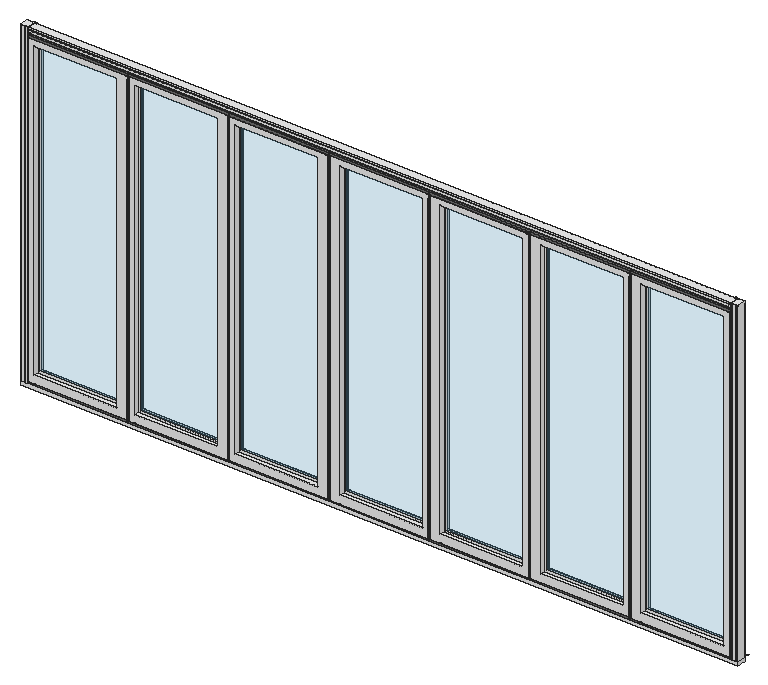
Revit family "Door-NanaWall-Reinforced-647_V1", category Doors, host Wall, Revit 2019 (continued)
Definition of nested family "Header"
  Automatic sketch dimensions
    Extrusion 3 sketch curve to Extrusion 3 sketch curve = 0.50 mm
    Extrusion 3 sketch curve to Extrusion 3 sketch curve = 84.634 mm
    Extrusion 1 sketch curve to level = 0.00 mm
    Extrusion 1 sketch curve to level = 0.50 mm  (x2)
    Extrusion 1 sketch curve to Extrusion 1 sketch curve = 13.50 mm
    Extrusion 1 sketch curve to Extrusion 1 sketch curve = 0.50 mm  (x4)
    Extrusion 1 sketch curve to Extrusion 1 sketch curve = 0.90 mm
    Extrusion 1 sketch curve to Extrusion 1 sketch curve = 14.00 mm
    Extrusion 1 sketch curve to Extrusion 1 sketch curve = 20.00 mm
    Extrusion 1 sketch curve to plane 1 "Center (Front/Back)" = 14.50 mm
    plane 1 "Center (Front/Back)" to Extrusion 1 sketch curve = 33.60 mm
    Extrusion 1 sketch curve to Extrusion 1 sketch curve = 21.00 mm
    Extrusion 1 sketch curve to Extrusion 1 sketch curve = 5.00 mm
    Extrusion 1 sketch curve to Extrusion 1 sketch curve = 1.50 mm
    Extrusion 1 sketch curve to Extrusion 1 sketch curve = 0.00 mm
Definition of nested family "Sill"
  Parameters (values of type "Sill")
    Width = 5486.40 mm
    Thickness = 67.20 mm
    Sill = none
    Rough Width = 5375.40 mm
    Rough Height = 2387.402 mm
    Right Jamb = none
    Low Profile Sill With Universill = Constraint = 4  # no
    Low Profile Sill = or(Constraint = 2, Constraint = 4)  # no
    Intermediate sill = Constraint = 1  # yes
    Height = 2438.40 mm
    Flush Sill = Constraint = 3  # no
    Constraint = 1
    Assembly Code = ""
    Analytic Construction = "<None>"
  Reference planes
    plane 1 "Center (Front/Back)": y = 0
    plane 2: z = 0
    plane 3 "Center (Left/Right)": x = -185.473
    plane 4 "Left": x = -2928.673
    plane 5 "Right": x = 2557.727
    plane 6: x = -2928.673
    plane 7: x = 2557.727
  Forms (mm)
    Sweep 1, solid, material <- "Right Jamb", visible <- "Low Profile Sill With Universill"
      path origin (0, -8.501, 0) x (1, 0, 0) y (0, 1, 0)
        loop
          line (-2928.673, 5.731) -> (2557.727, 5.731)
      profile origin (-185.473, -2.769, 0) x (0, 1, 0) y (0, 0, 1)
        loop
          arc (59.681, 12.5) -> (60.147, 12.818) -> (60.019, 13.368) r 0.5
          line (60.019, 13.368) -> (44.383, 27.738) -> (36.369, 27.738) -> (36.369, 15) -> (32.683, 15) -> (32.683, 12.5) -> (59.681, 12.5)
    Sweep 2, solid, material <- "Sill", visible <- "Intermediate sill", detail levels medium+fine
      path origin (1592.527, -1.282, 0) x (1, 0, 0) y (0, 1, 0)
        loop
          line (-4521.2, 0) -> (965.2, 0)
      profile origin (-185.473, -1.282, 0) x (0, 1, 0) y (0, 0, 1)
        loop
          line (-33.951, -28) -> (-30.053, -28) -> (-29.651, -26.5) -> (-31.951, -26.5) -> (-31.951, -23) -> (-17.451, -23) -> (-17.451, -26.5) -> (-19.651, -26.5) -> (-19.249, -28) -> (7.149, -28) -> (7.149, -23) -> (12.649, -23) -> (12.649, -28) -> (18.547, -28) -> (18.949, -26.5) -> (16.749, -26.5) -> (16.749, -23) -> (31.249, -23) -> (31.249, -26.5) -> (28.949, -26.5) -> (29.351, -28) -> (34.649, -28) -> (34.649, 0) -> (11.649, 0) -> (11.649, 14) -> (-39.675, 14) -> (-65.164, 1.952)
          arc (-65.164, 1.952) -> (-65.433, 1.368) -> (-64.905, 1.002) r 0.5
          line (-64.905, 1.002) -> (-61.324, 1.002) -> (-38.056, 12) -> (-33.951, 12) -> (-33.951, -28)
    Sweep 3, solid, material <- "Sill", visible <- "Low Profile Sill", detail levels medium+fine
      path origin (1592.527, -1.282, 0) x (1, 0, 0) y (0, 1, 0)
        loop
          line (-4521.2, 0) -> (965.2, 0)
      profile origin (-185.473, -1.282, 0) x (0, 1, 0) y (0, 0, 1)
        loop
          line (16.481, -27.018) -> (31.081, -26.253) -> (31.081, -33) -> (28.781, -33) -> (29.183, -34.5) -> (34.979, -34.5) -> (35.381, -33) -> (33.081, -33) -> (33.081, -26.148) -> (47.681, -25.383) -> (47.681, -33) -> (45.381, -33) -> (45.783, -34.5) -> (57.681, -34.5) -> (57.681, -31.231) -> (56.181, -31.1) -> (56.181, -32.5) -> (49.681, -32.5) -> (49.681, -22.2) -> (56.181, -22.2) -> (56.181, -23.6) -> (57.681, -23.459) -> (57.681, -19.131) -> (56.181, -19) -> (56.181, -20.4) -> (49.681, -20.4) -> (49.681, -10.1) -> (56.181, -10.1) -> (56.181, -11.5) -> (57.681, -11.359) -> (57.681, -8.1) -> (50.681, -8.1) -> (50.681, 6) -> (56.628, 6) -> (56.628, 11.117) -> (80.963, 0) -> (84.681, 0)
          arc (84.681, 0) -> (85.17, 0.394) -> (84.889, 0.955) r 0.5
          line (84.889, 0.955) -> (59.616, 12.5) -> (24.281, 12.5) -> (-36.154, 12.5) -> (-61.427, 0.955)
          arc (-61.427, 0.955) -> (-61.707, 0.394) -> (-61.219, 0) r 0.5
          line (-61.219, 0) -> (-57.5, 0) -> (-34.719, 10.407) -> (-34.719, -3.1) -> (-41.719, -3.1) -> (-41.719, -6.369) -> (-40.219, -6.5) -> (-40.219, -5.1) -> (-33.719, -5.1) -> (-33.719, -15.4) -> (-40.219, -15.4) -> (-40.219, -14) -> (-41.719, -14.131) -> (-41.719, -18.459) -> (-40.219, -18.6) -> (-40.219, -17.2) -> (-33.719, -17.2) -> (-33.719, -27.5) -> (-40.219, -27.5) -> (-40.219, -26.1) -> (-41.719, -26.231) -> (-41.719, -29.5) -> (-33.719, -29.5) -> (-33.719, -34.5) -> (-29.821, -34.5) -> (-29.419, -33) -> (-31.719, -33) -> (-31.719, -29.544) -> (-16.819, -28.764) -> (-16.819, -33) -> (-19.088, -33) -> (-18.686, -34.5) -> (11.181, -34.5) -> (11.181, -27.296) -> (14.481, -27.123) -> (14.481, -34.5) -> (18.379, -34.5) -> (18.781, -33) -> (16.481, -33) -> (16.481, -27.018)
    Sweep 4, solid, material <- "Sill", visible <- "Flush Sill", detail levels medium+fine
      path origin (1592.527, -1.282, -10.5) x (1, 0, 0) y (0, 1, 0)
        loop
          line (-4521.2, 0) -> (965.2, 0)
      profile origin (-185.473, -1.282, -10.5) x (0, 1, 0) y (0, 0, 1)
        loop
          line (-17.419, -17.5) -> (-17.419, -21) -> (-19.619, -21) -> (-19.217, -22.5) -> (-15.761, -22.5) -> (-12.644, -20.7) -> (3.006, -20.7) -> (6.124, -22.5) -> (7.181, -22.5) -> (7.181, -17.5) -> (12.681, -17.5) -> (12.681, -22.5) -> (18.579, -22.5) -> (18.981, -21) -> (16.781, -21) -> (16.781, -17.5) -> (31.281, -17.5) -> (31.281, -21) -> (28.981, -21) -> (29.383, -22.5) -> (33.281, -22.5) -> (33.281, -10.5) -> (34.681, -10.5) -> (34.681, 10.5) -> (49.181, 10.5)
          arc (49.181, 10.5) -> (49.666, 10.985) -> (49.488, 11.646) r 0.685
          line (49.488, 11.646) -> (48.635, 12.5) -> (-52.919, 12.5) -> (-53.772, 11.646)
          arc (-53.772, 11.646) -> (-53.95, 10.985) -> (-53.465, 10.5) r 0.685
          line (-53.465, 10.5) -> (-33.919, 10.5) -> (-33.919, -22.5) -> (-30.021, -22.5) -> (-29.619, -21) -> (-31.919, -21) -> (-31.919, -17.5) -> (-17.419, -17.5)
  Lines and regions (mm)
    Masking region 1
      outline origin (0, 0, 0) x (1, 0, 0) y (0, 1, 0)
        loop
          line (-2928.673, -50.877) -> (2557.727, -50.877) -> (2557.727, 62.339) -> (-2928.673, 62.339) -> (-2928.673, -50.877)
    Masking region 2, visible <- "Low Profile Sill With Universill"
      outline origin (-185.473, -8.501, 0) x (0, 1, 0) y (0, 0, 1)
        loop
          line (50.115, 27.738) -> (42.1, 27.738) -> (42.1, 15) -> (38.415, 15) -> (38.415, 12.5) -> (65.412, 12.5)
          arc (65.412, 12.5) -> (65.878, 12.818) -> (65.751, 13.368) r 0.5
          line (65.751, 13.368) -> (50.115, 27.738)
    Masking region 3, visible <- "Intermediate sill"
      outline origin (-185.473, -1.601, 0) x (0, -1, 0) y (0, 0, -1)
        loop
          line (37.738, -12) -> (33.632, -12) -> (33.632, 28) -> (29.734, 28) -> (29.332, 26.5) -> (31.632, 26.5) -> (31.632, 23) -> (17.132, 23) -> (17.132, 26.5) -> (19.332, 26.5) -> (18.93, 28) -> (-7.468, 28) -> (-7.468, 23) -> (-12.968, 23) -> (-12.968, 28) -> (-18.866, 28) -> (-19.268, 26.5) -> (-17.068, 26.5) -> (-17.068, 23) -> (-31.568, 23) -> (-31.568, 26.5) -> (-29.268, 26.5) -> (-29.67, 28) -> (-34.968, 28) -> (-34.968, 0) -> (-11.968, 0) -> (-11.968, -14) -> (39.356, -14) -> (64.846, -1.952)
          arc (64.846, -1.952) -> (65.114, -1.368) -> (64.586, -1.002) r 0.5
          line (64.586, -1.002) -> (61.005, -1.002) -> (37.738, -12)
    Masking region 4, visible <- "Low Profile Sill", detail levels coarse
      outline origin (-2928.673, 173.892, 177.429) x (0, -1, 0) y (0, 0, 1)
        loop
          line (150.892, -164.929) -> (115.557, -164.929) -> (90.284, -176.474)
          arc (90.284, -176.474) -> (90.004, -177.035) -> (90.492, -177.429) r 0.5
          line (90.492, -177.429) -> (94.211, -177.429) -> (118.545, -166.312) -> (118.545, -171.429) -> (124.492, -171.429) -> (124.492, -185.529) -> (117.492, -185.529) -> (117.492, -188.788) -> (118.992, -188.929) -> (118.992, -187.529) -> (125.492, -187.529) -> (125.492, -197.829) -> (118.992, -197.829) -> (118.992, -196.429) -> (117.492, -196.56) -> (117.492, -200.888) -> (118.992, -201.029) -> (118.992, -199.629) -> (125.492, -199.629) -> (125.492, -209.929) -> (118.992, -209.929) -> (118.992, -208.529) -> (117.492, -208.66) -> (117.492, -211.929) -> (129.39, -211.929) -> (129.792, -210.429) -> (127.492, -210.429) -> (127.492, -202.812) -> (142.092, -203.577) -> (142.092, -210.429) -> (139.792, -210.429) -> (140.194, -211.929) -> (145.99, -211.929) -> (146.392, -210.429) -> (144.092, -210.429) -> (144.092, -203.682) -> (158.692, -204.447) -> (158.692, -210.429) -> (156.392, -210.429) -> (156.794, -211.929) -> (160.692, -211.929) -> (160.692, -204.552) -> (163.992, -204.725) -> (163.992, -211.929) -> (193.86, -211.929) -> (194.261, -210.429) -> (191.992, -210.429) -> (191.992, -206.192) -> (206.892, -206.973) -> (206.892, -210.429) -> (204.592, -210.429) -> (204.994, -211.929) -> (208.892, -211.929) -> (208.892, -206.929) -> (216.892, -206.929) -> (216.892, -203.66) -> (215.392, -203.529) -> (215.392, -204.929) -> (208.892, -204.929) -> (208.892, -194.629) -> (215.392, -194.629) -> (215.392, -196.029) -> (216.892, -195.888) -> (216.892, -191.56) -> (215.392, -191.429) -> (215.392, -192.829) -> (208.892, -192.829) -> (208.892, -182.529) -> (215.392, -182.529) -> (215.392, -183.929) -> (216.892, -183.798) -> (216.892, -180.529) -> (209.892, -180.529) -> (209.892, -167.022) -> (232.673, -177.429) -> (236.392, -177.429)
          arc (236.392, -177.429) -> (236.881, -177.035) -> (236.6, -176.474) r 0.5
          line (236.6, -176.474) -> (211.327, -164.929) -> (150.892, -164.929)
    Masking region 5, visible <- "Flush Sill"
      outline origin (-185.473, -1.601, -10.5) x (0, -1, 0) y (0, 0, -1)
        loop
          arc (53.454, -11.646) -> (53.631, -10.985) -> (53.146, -10.5) r 0.685
          line (53.146, -10.5) -> (33.6, -10.5) -> (33.6, 22.5) -> (29.702, 22.5) -> (29.3, 21) -> (31.6, 21) -> (31.6, 17.5) -> (17.1, 17.5) -> (17.1, 21) -> (19.3, 21) -> (18.898, 22.5) -> (15.443, 22.5) -> (12.325, 20.7) -> (-3.325, 20.7) -> (-6.443, 22.5) -> (-7.5, 22.5) -> (-7.5, 17.5) -> (-13, 17.5) -> (-13, 22.5) -> (-18.898, 22.5) -> (-19.3, 21) -> (-17.1, 21) -> (-17.1, 17.5) -> (-31.6, 17.5) -> (-31.6, 21) -> (-29.3, 21) -> (-29.702, 22.5) -> (-33.6, 22.5) -> (-33.6, 10.5) -> (-35, 10.5) -> (-35, -10.5) -> (-49.5, -10.5)
          arc (-49.5, -10.5) -> (-49.985, -10.985) -> (-49.807, -11.646) r 0.685
          line (-49.807, -11.646) -> (-48.954, -12.5) -> (52.6, -12.5) -> (53.454, -11.646)
  Dimensions and locks
    equal spacing: plane 4 "Left", plane 3 "Center (Left/Right)", plane 5 "Right"
    "Width": plane 4 "Left" to plane 5 "Right"
    aligned and locked: plane 5 "Right" to plane 7
    aligned and locked: plane 6 to plane 4 "Left"
    aligned and locked: Masking region 1 sketch curve to plane 6
    aligned and locked: plane 7 to Masking region 1 sketch curve
  Automatic sketch dimensions
    plane 1 "Center (Front/Back)" to Masking region 1 sketch curve = 50.877 mm
    Masking region 1 sketch curve to plane 1 "Center (Front/Back)" = 62.339 mm
    Sweep 1 sketch curve to plane 4 "Left" = 0.00 mm
    Sweep 1 sketch curve to plane 5 "Right" = 0.00 mm
    plane 1 "Center (Front/Back)" to Sweep 1 sketch curve = 2.769 mm
    profile plane to Sweep 1 sketch curve = 15.00 mm
    Sweep 1 sketch curve to profile plane = 32.683 mm
    Sweep 1 sketch curve to Sweep 1 sketch curve = 3.686 mm
    Sweep 1 sketch curve to Sweep 1 sketch curve = 8.014 mm
    Sweep 1 sketch curve to Sweep 1 sketch curve = 15.298 mm
    profile plane to Sweep 1 sketch curve = 13.368 mm
    Sweep 1 sketch curve to Sweep 1 sketch curve = 0.338 mm
    Sweep 1 sketch curve to Sweep 1 sketch curve = 0.368 mm
    Sweep 1 sketch curve to Sweep 1 sketch curve = 12.738 mm
    Masking region 2 sketch curve to plane 1 "Center (Front/Back)" = 29.914 mm
    Masking region 2 sketch curve to Masking region 2 sketch curve = 3.686 mm
    Masking region 2 sketch curve to Masking region 2 sketch curve = 8.014 mm
    level to Masking region 2 sketch curve = 13.00 mm
    Masking region 2 sketch curve to Masking region 2 sketch curve = 15.298 mm
    level to Masking region 2 sketch curve = 13.368 mm
    Masking region 2 sketch curve to Masking region 2 sketch curve = 0.338 mm
    Masking region 2 sketch curve to Masking region 2 sketch curve = 2.50 mm
    Masking region 2 sketch curve to Masking region 2 sketch curve = 12.738 mm
    Sweep 2 sketch curve to plane 4 "Left" = 0.00 mm
    Sweep 2 sketch curve to plane 5 "Right" = 0.00 mm
    plane 1 "Center (Front/Back)" to Sweep 2 sketch curve = 1.282 mm
    Sweep 2 sketch curve to profile plane = 0.00 mm
    profile plane to Sweep 2 sketch curve = 1.952 mm
    profile plane to Sweep 2 sketch curve = 65.164 mm
    Sweep 2 sketch curve to Sweep 2 sketch curve = 0.214 mm
    Sweep 2 sketch curve to Sweep 2 sketch curve = 0.046 mm
    profile plane to Sweep 2 sketch curve = 1.002 mm
    Sweep 2 sketch curve to Sweep 2 sketch curve = 3.581 mm
    Sweep 2 sketch curve to Sweep 2 sketch curve = 21.649 mm
    Sweep 2 sketch curve to Sweep 2 sketch curve = 1.619 mm
    Sweep 2 sketch curve to Sweep 2 sketch curve = 4.106 mm
    Sweep 2 sketch curve to Sweep 2 sketch curve = 2.00 mm
    Sweep 2 sketch curve to Sweep 2 sketch curve = 1.898 mm
    Sweep 2 sketch curve to Sweep 2 sketch curve = 0.402 mm  (x4)
    Sweep 2 sketch curve to Sweep 2 sketch curve = 10.00 mm  (x2)
    Sweep 2 sketch curve to Sweep 2 sketch curve = 2.20 mm
    Sweep 2 sketch curve to profile plane = 7.149 mm
    Sweep 2 sketch curve to profile plane = 11.649 mm
    Sweep 2 sketch curve to Sweep 2 sketch curve = 5.50 mm
    Sweep 2 sketch curve to Sweep 2 sketch curve = 4.10 mm
    Sweep 2 sketch curve to Sweep 2 sketch curve = 1.798 mm
    Sweep 2 sketch curve to Sweep 2 sketch curve = 2.30 mm
    Sweep 2 sketch curve to Sweep 2 sketch curve = 23.00 mm
    Sweep 2 sketch curve to profile plane = 23.00 mm  (x2)
    Sweep 2 sketch curve to Sweep 2 sketch curve = 0.00 mm
    Sweep 2 sketch curve to Sweep 2 sketch curve = 3.50 mm  (x4)
    Sweep 2 sketch curve to Sweep 2 sketch curve = 1.50 mm  (x3)
    Sweep 2 sketch curve to Sweep 2 sketch curve = 5.00 mm
    profile plane to Sweep 2 sketch curve = 12.00 mm
    Sweep 2 sketch curve to Sweep 2 sketch curve = 14.00 mm
    Masking region 3 sketch curve to level = 0.00 mm
    Masking region 3 sketch curve to plane 1 "Center (Front/Back)" = 33.367 mm
    Masking region 3 sketch curve to Masking region 3 sketch curve = 3.40 mm
    Masking region 3 sketch curve to Masking region 3 sketch curve = 1.898 mm
    Masking region 3 sketch curve to Masking region 3 sketch curve = 0.402 mm  (x4)
    Masking region 3 sketch curve to plane 1 "Center (Front/Back)" = 17.667 mm
    Masking region 3 sketch curve to Masking region 3 sketch curve = 2.20 mm
    Masking region 3 sketch curve to Masking region 3 sketch curve = 4.10 mm
    Masking region 3 sketch curve to plane 1 "Center (Front/Back)" = 10.367 mm
    Masking region 3 sketch curve to Masking region 3 sketch curve = 5.50 mm
    Masking region 3 sketch curve to Masking region 3 sketch curve = 24.60 mm
    Masking region 3 sketch curve to Masking region 3 sketch curve = 1.798 mm
    Masking region 3 sketch curve to Masking region 3 sketch curve = 10.00 mm
    Masking region 3 sketch curve to Masking region 3 sketch curve = 2.30 mm
    Masking region 3 sketch curve to Masking region 3 sketch curve = 2.00 mm  (x2)
    Masking region 3 sketch curve to Masking region 3 sketch curve = 4.106 mm
    Masking region 3 sketch curve to Masking region 3 sketch curve = 1.619 mm
    level to Masking region 3 sketch curve = 1.002 mm
    Masking region 3 sketch curve to Masking region 3 sketch curve = 21.649 mm
    Masking region 3 sketch curve to Masking region 3 sketch curve = 3.581 mm
    Masking region 3 sketch curve to Masking region 3 sketch curve = 0.046 mm
    level to Masking region 3 sketch curve = 1.952 mm
    Masking region 3 sketch curve to Masking region 3 sketch curve = 0.214 mm
    level to Masking region 3 sketch curve = 12.00 mm
    Masking region 3 sketch curve to level = 23.00 mm  (x2)
    Masking region 3 sketch curve to Masking region 3 sketch curve = 0.00 mm
    Masking region 3 sketch curve to Masking region 3 sketch curve = 3.50 mm  (x4)
    Masking region 3 sketch curve to Masking region 3 sketch curve = 1.50 mm  (x3)
    Masking region 3 sketch curve to Masking region 3 sketch curve = 5.00 mm
    Sweep 3 sketch curve to plane 4 "Left" = 0.00 mm
    Sweep 3 sketch curve to plane 5 "Right" = 0.00 mm
    plane 1 "Center (Front/Back)" to Sweep 3 sketch curve = 1.282 mm
    Sweep 3 sketch curve to profile plane = 0.00 mm  (x2)
    profile plane to Sweep 3 sketch curve = 0.955 mm  (x2)
    profile plane to Sweep 3 sketch curve = 61.427 mm
    Sweep 3 sketch curve to Sweep 3 sketch curve = 0.208 mm  (x2)
    Sweep 3 sketch curve to Sweep 3 sketch curve = 3.719 mm  (x2)
    Sweep 3 sketch curve to Sweep 3 sketch curve = 15.781 mm  (x2)
    Sweep 3 sketch curve to profile plane = 3.10 mm
    Sweep 3 sketch curve to profile plane = 18.459 mm
    Sweep 3 sketch curve to Sweep 3 sketch curve = 0.00 mm  (x4)
    Sweep 3 sketch curve to profile plane = 14.00 mm
    Sweep 3 sketch curve to Sweep 3 sketch curve = 1.50 mm  (x12)
    Sweep 3 sketch curve to profile plane = 18.60 mm
    profile plane to Sweep 3 sketch curve = 12.50 mm
    Sweep 3 sketch curve to Sweep 3 sketch curve = 5.565 mm
    Sweep 3 sketch curve to Sweep 3 sketch curve = 5.50 mm  (x2)
    Sweep 3 sketch curve to Sweep 3 sketch curve = 8.00 mm
    Sweep 3 sketch curve to Sweep 3 sketch curve = 1.00 mm  (x2)
    Sweep 3 sketch curve to Sweep 3 sketch curve = 2.00 mm  (x7)
    Sweep 3 sketch curve to Sweep 3 sketch curve = 1.898 mm  (x3)
    Sweep 3 sketch curve to Sweep 3 sketch curve = 0.402 mm  (x6)
    Sweep 3 sketch curve to Sweep 3 sketch curve = 10.331 mm
    Sweep 3 sketch curve to Sweep 3 sketch curve = 2.269 mm
    Sweep 3 sketch curve to profile plane = 11.181 mm
    Sweep 3 sketch curve to Sweep 3 sketch curve = 3.30 mm
    Sweep 3 sketch curve to profile plane = 24.281 mm
    Sweep 3 sketch curve to Sweep 3 sketch curve = 10.00 mm  (x2)
    Sweep 3 sketch curve to Sweep 3 sketch curve = 2.30 mm  (x2)
    profile plane to Sweep 3 sketch curve = 6.00 mm
    Sweep 3 sketch curve to Sweep 3 sketch curve = 6.50 mm  (x2)
    Sweep 3 sketch curve to Sweep 3 sketch curve = 5.947 mm
    Sweep 3 sketch curve to profile plane = 23.459 mm
    Sweep 3 sketch curve to profile plane = 11.359 mm
    Sweep 3 sketch curve to Sweep 3 sketch curve = 2.988 mm
    Sweep 3 sketch curve to Sweep 3 sketch curve = 23.281 mm
    Sweep 3 sketch curve to Sweep 3 sketch curve = 0.141 mm  (x2)
    Sweep 3 sketch curve to Sweep 3 sketch curve = 1.783 mm
    Sweep 3 sketch curve to Sweep 3 sketch curve = 7.50 mm  (x2)
    Sweep 3 sketch curve to Sweep 3 sketch curve = 0.765 mm  (x2)
    Sweep 3 sketch curve to Sweep 3 sketch curve = 0.131 mm  (x4)
    Sweep 3 sketch curve to Sweep 3 sketch curve = 0.105 mm  (x2)
    Sweep 3 sketch curve to Sweep 3 sketch curve = 0.173 mm
    Sweep 3 sketch curve to Sweep 3 sketch curve = 1.40 mm  (x8)
    Sweep 3 sketch curve to Sweep 3 sketch curve = 1.264 mm
    Sweep 3 sketch curve to Sweep 3 sketch curve = 0.044 mm
    Sweep 3 sketch curve to Sweep 3 sketch curve = 0.50 mm
    Sweep 3 sketch curve to Sweep 3 sketch curve = 5.982 mm
    Sweep 3 sketch curve to Sweep 3 sketch curve = 4.236 mm
    Sweep 3 sketch curve to Sweep 3 sketch curve = 3.456 mm
    Sweep 3 sketch curve to Sweep 3 sketch curve = 6.747 mm
    Sweep 3 sketch curve to Sweep 3 sketch curve = 1.80 mm
    Sweep 3 sketch curve to Sweep 3 sketch curve = 1.269 mm
    Sweep 3 sketch curve to Sweep 3 sketch curve = 3.40 mm
    Sweep 3 sketch curve to Sweep 3 sketch curve = 2.093 mm
    Sweep 3 sketch curve to Sweep 3 sketch curve = 1.383 mm
    Masking region 4 sketch curve to Sweep 2 = 0.00 mm
    Sweep 2 to Masking region 4 sketch curve = 0.00 mm
    Sweep 2 to Masking region 4 sketch curve = 0.047 mm  (x2)
    Sweep 2 to Masking region 4 sketch curve = 50.24 mm
    Sweep 2 to Masking region 4 sketch curve = 0.50 mm  (x2)
    Masking region 4 sketch curve to Masking region 4 sketch curve = 3.719 mm  (x2)
    Masking region 4 sketch curve to Sweep 2 = 0.50 mm  (x2)
    Masking region 4 sketch curve to Masking region 4 sketch curve = 21.346 mm
    Sweep 2 to Masking region 4 sketch curve = 3.231 mm
    Sweep 2 to Masking region 4 sketch curve = 23.032 mm
    Masking region 4 sketch curve to Sweep 2 = 8.10 mm
    Masking region 4 sketch curve to Masking region 4 sketch curve = 1.935 mm
    Sweep 2 to Masking region 4 sketch curve = 0.459 mm
    Masking region 4 sketch curve to Masking region 4 sketch curve = 0.00 mm  (x5)
    Sweep 2 to Masking region 4 sketch curve = 0.883 mm
    Masking region 4 sketch curve to Masking region 4 sketch curve = 2.988 mm
    Masking region 4 sketch curve to Sweep 2 = 0.80 mm
    Masking region 4 sketch curve to Masking region 4 sketch curve = 1.50 mm  (x10)
    Masking region 4 sketch curve to Masking region 4 sketch curve = 5.50 mm
    Masking region 4 sketch curve to Sweep 2 = 2.60 mm
    Masking region 4 sketch curve to Masking region 4 sketch curve = 6.50 mm
    Masking region 4 sketch curve to Masking region 4 sketch curve = 2.00 mm  (x2)
    Masking region 4 sketch curve to Masking region 4 sketch curve = 1.898 mm
    Sweep 2 to Masking region 4 sketch curve = 5.00 mm  (x3)
    Masking region 4 sketch curve to Masking region 4 sketch curve = 0.402 mm  (x5)
    Sweep 2 to Masking region 4 sketch curve = 0.732 mm
    Sweep 2 to Masking region 4 sketch curve = 0.33 mm
    Masking region 4 sketch curve to Sweep 2 = 1.568 mm
    Sweep 2 to Masking region 4 sketch curve = 0.168 mm
    Sweep 2 to Masking region 4 sketch curve = 2.066 mm
    Sweep 2 to Masking region 4 sketch curve = 6.968 mm
    Sweep 2 to Masking region 4 sketch curve = 2.032 mm
    Masking region 4 sketch curve to Sweep 2 = 0.268 mm
    Masking region 4 sketch curve to Sweep 2 = 1.832 mm
    Masking region 4 sketch curve to Sweep 2 = 0.468 mm
    Masking region 4 sketch curve to Sweep 2 = 0.632 mm
    Sweep 2 to Masking region 4 sketch curve = 1.235 mm
    Sweep 2 to Masking region 4 sketch curve = 2.532 mm
    Sweep 2 to Masking region 4 sketch curve = 0.232 mm
    Masking region 4 sketch curve to Sweep 2 = 0.232 mm  (x3)
    Sweep 2 to Masking region 4 sketch curve = 0.768 mm
    Sweep 2 to Masking region 4 sketch curve = 2.203 mm
    Sweep 2 to Masking region 4 sketch curve = 6.268 mm  (x3)
    Sweep 2 to Masking region 4 sketch curve = 0.40 mm
    Sweep 2 to Masking region 4 sketch curve = 0.269 mm
    Masking region 4 sketch curve to Masking region 4 sketch curve = 15.781 mm
    Sweep 2 to Masking region 4 sketch curve = 6.50 mm  (x2)
    Masking region 4 sketch curve to Masking region 4 sketch curve = 3.269 mm
    Masking region 4 sketch curve to Masking region 4 sketch curve = 1.269 mm  (x3)
    Masking region 4 sketch curve to Masking region 4 sketch curve = 1.40 mm  (x5)
    Sweep 2 to Masking region 4 sketch curve = 1.544 mm
    Sweep 2 to Masking region 4 sketch curve = 1.50 mm
    Sweep 2 to Masking region 4 sketch curve = 0.764 mm
    Masking region 4 sketch curve to Sweep 2 = 0.704 mm
    Masking region 4 sketch curve to Sweep 2 = 0.623 mm
    Masking region 4 sketch curve to Sweep 2 = 0.518 mm
    Sweep 2 to Masking region 4 sketch curve = 0.247 mm
    Sweep 2 to Masking region 4 sketch curve = 0.352 mm
    Sweep 2 to Masking region 4 sketch curve = 1.117 mm
    Sweep 2 to Masking region 4 sketch curve = 0.60 mm
    Masking region 4 sketch curve to Sweep 2 = 4.40 mm
    Masking region 4 sketch curve to Masking region 4 sketch curve = 0.141 mm  (x2)
    Masking region 4 sketch curve to Sweep 2 = 5.80 mm
    Masking region 4 sketch curve to Masking region 4 sketch curve = 1.80 mm
    Masking region 4 sketch curve to Masking region 4 sketch curve = 3.40 mm
    Masking region 4 sketch curve to Sweep 2 = 6.50 mm
    Masking region 4 sketch curve to Masking region 4 sketch curve = 0.131 mm
    Masking region 4 sketch curve to Sweep 2 = 4.998 mm
    Sweep 2 to Masking region 4 sketch curve = 1.593 mm
    Sweep 4 sketch curve to plane 4 "Left" = 0.00 mm
    Sweep 4 sketch curve to plane 5 "Right" = 0.00 mm
    plane 1 "Center (Front/Back)" to Sweep 4 sketch curve = 1.282 mm
    profile plane to Sweep 4 sketch curve = 11.646 mm  (x2)
    profile plane to Sweep 4 sketch curve = 53.772 mm
    Sweep 4 sketch curve to Sweep 4 sketch curve = 0.307 mm
    Sweep 4 sketch curve to Sweep 4 sketch curve = 0.177 mm  (x2)
    profile plane to Sweep 4 sketch curve = 12.50 mm
    Sweep 4 sketch curve to Sweep 4 sketch curve = 0.854 mm
    Sweep 4 sketch curve to Sweep 4 sketch curve = 19.00 mm
    Sweep 4 sketch curve to Sweep 4 sketch curve = 2.00 mm  (x2)
    Sweep 4 sketch curve to Sweep 4 sketch curve = 1.898 mm
    Sweep 4 sketch curve to Sweep 4 sketch curve = 0.402 mm  (x4)
    Sweep 4 sketch curve to Sweep 4 sketch curve = 10.00 mm  (x2)
    Sweep 4 sketch curve to Sweep 4 sketch curve = 2.20 mm
    Sweep 4 sketch curve to Sweep 4 sketch curve = 1.657 mm
    Sweep 4 sketch curve to Sweep 4 sketch curve = 3.118 mm  (x2)
    Sweep 4 sketch curve to profile plane = 3.006 mm
    Sweep 4 sketch curve to Sweep 4 sketch curve = 1.057 mm
    Sweep 4 sketch curve to Sweep 4 sketch curve = 5.50 mm
    Sweep 4 sketch curve to Sweep 4 sketch curve = 4.10 mm
    Sweep 4 sketch curve to Sweep 4 sketch curve = 1.798 mm
    Sweep 4 sketch curve to Sweep 4 sketch curve = 2.30 mm
    Sweep 4 sketch curve to Sweep 4 sketch curve = 1.40 mm
    Sweep 4 sketch curve to Sweep 4 sketch curve = 13.954 mm
    Sweep 4 sketch curve to Sweep 4 sketch curve = 0.369 mm
    Sweep 4 sketch curve to Sweep 4 sketch curve = 0.485 mm  (x3)
    Sweep 4 sketch curve to profile plane = 10.50 mm
    Sweep 4 sketch curve to profile plane = 17.50 mm
    Sweep 4 sketch curve to Sweep 4 sketch curve = 7.00 mm
    Sweep 4 sketch curve to Sweep 4 sketch curve = 0.00 mm
    Sweep 4 sketch curve to Sweep 4 sketch curve = 3.20 mm
    Sweep 4 sketch curve to Sweep 4 sketch curve = 3.50 mm  (x4)
    Sweep 4 sketch curve to Sweep 4 sketch curve = 1.80 mm
    Sweep 4 sketch curve to Sweep 4 sketch curve = 1.50 mm  (x4)
    Masking region 5 sketch curve to level = 0.00 mm  (x2)
    level to Masking region 5 sketch curve = 1.146 mm  (x2)
    Masking region 5 sketch curve to plane 1 "Center (Front/Back)" = 48.207 mm
    Masking region 5 sketch curve to Masking region 5 sketch curve = 0.307 mm
    level to Masking region 5 sketch curve = 0.662 mm
    Masking region 5 sketch curve to Masking region 5 sketch curve = 0.854 mm
    Masking region 5 sketch curve to plane 1 "Center (Front/Back)" = 33.399 mm
    Masking region 5 sketch curve to plane 1 "Center (Front/Back)" = 31.999 mm
    Masking region 5 sketch curve to Masking region 5 sketch curve = 2.00 mm  (x2)
    Masking region 5 sketch curve to Masking region 5 sketch curve = 1.898 mm
    Masking region 5 sketch curve to Masking region 5 sketch curve = 0.402 mm  (x4)
    Masking region 5 sketch curve to plane 1 "Center (Front/Back)" = 17.699 mm
    Masking region 5 sketch curve to Masking region 5 sketch curve = 2.20 mm
    Masking region 5 sketch curve to Masking region 5 sketch curve = 4.10 mm
    Masking region 5 sketch curve to Masking region 5 sketch curve = 5.50 mm
    Masking region 5 sketch curve to Masking region 5 sketch curve = 1.057 mm
    Masking region 5 sketch curve to Masking region 5 sketch curve = 3.118 mm  (x2)
    Masking region 5 sketch curve to Masking region 5 sketch curve = 15.65 mm
    Masking region 5 sketch curve to Masking region 5 sketch curve = 1.657 mm
    Masking region 5 sketch curve to Masking region 5 sketch curve = 1.798 mm
    Masking region 5 sketch curve to Masking region 5 sketch curve = 10.00 mm
    Masking region 5 sketch curve to Masking region 5 sketch curve = 2.30 mm
    level to Masking region 5 sketch curve = 2.00 mm
    Masking region 5 sketch curve to Masking region 5 sketch curve = 19.00 mm
    Masking region 5 sketch curve to Masking region 5 sketch curve = 0.369 mm
    Masking region 5 sketch curve to Masking region 5 sketch curve = 0.177 mm
    Masking region 5 sketch curve to Masking region 5 sketch curve = 0.485 mm
    Masking region 5 sketch curve to level = 21.00 mm
    Masking region 5 sketch curve to Masking region 5 sketch curve = 7.00 mm
    Masking region 5 sketch curve to Masking region 5 sketch curve = 0.00 mm  (x2)
    Masking region 5 sketch curve to Masking region 5 sketch curve = 3.20 mm
    Masking region 5 sketch curve to Masking region 5 sketch curve = 3.50 mm  (x4)
    Masking region 5 sketch curve to Masking region 5 sketch curve = 1.50 mm  (x4)
    Masking region 5 sketch curve to Masking region 5 sketch curve = 1.80 mm
Definition of nested family "DetailItem_Door_Elevation"
  Parameters (values of type "DetailItem_Door_Elevation")
    Panel Width = 1064.833 mm
    Panel Heigth = 2844.60 mm
    Assembly Code = ""
  Reference planes
    plane 1 "Center (Front/Back)": y = -59.888
    plane 2: z = 0
    plane 3 "Center (Left/Right)": x = 1.15
    plane 4: x = 1065.983
    plane 5: y = 2784.712
    plane 6: y = 1362.412
    plane 7: x = 533.567
  Lines and regions (mm)
    detail lines, in view "Ref. Level"
      curve 1: line (1065.983, 2784.712, 0) -> (1.15, 1362.412, 0)
      curve 2: line (1.15, 1362.412, 0) -> (1065.983, -59.888, 0)
  Dimensions and locks
    "Panel Width": plane 3 "Center (Left/Right)" to plane 4
    "Panel Heigth": plane 5 to plane 1 "Center (Front/Back)"
    equal spacing: plane 5, plane 6, plane 1 "Center (Front/Back)"
    equal spacing: plane 3 "Center (Left/Right)", plane 7, plane 4
    aligned and locked: plane 6 to nested 1
    aligned and locked: nested 1 to plane 7
  Automatic sketch dimensions
    curve 2 to plane 3 "Center (Left/Right)" = 0.00 mm
    curve 1 to plane 4 = 0.00 mm
    curve 2 to plane 6 = 0.00 mm
    curve 1 to plane 5 = 0.00 mm
    plane 1 "Center (Front/Back)" to curve 2 = 0.00 mm
    curve 2 to plane 4 = 0.00 mm
  Nested families
    nested 1: "DetailItem_arrow" at (2.3, 1320.7, 0) x (-1, 0, 0) z (0, 0, 1), type "DetailItem_arrow", in view "Ref. Level"
  Definition of nested family "DetailItem_arrow"
    Parameters (values of type "DetailItem_arrow")
      Separation constraint = 532.417 mm
      Assembly Code = ""
    Reference planes
      plane 1 "Center (Front/Back)": y = -59.888
      plane 2: z = 0
      plane 3 "Center (Left/Right)": x = 1.15
      plane 4: x = -461.417
      plane 5: x = -588.417
      plane 6: x = -496.342
      plane 7: y = 41.712
      plane 8: y = 8.716
      plane 9: x = -531.267
    Lines and regions (mm)
      detail lines, in view "Ref. Level"
        curve 1: line (-588.417, 41.712, 0) -> (-461.417, 41.712, 0)
        curve 2: line (-461.417, 41.712, 0) -> (-496.342, 8.716, 0)
    Dimensions and locks
      locked: plane 8 to plane 7 at 32.996
      locked: plane 1 "Center (Front/Back)" to plane 7 at 101.6
      plane 4 to plane 6 to plane 9 to plane 5 = 34.925 mm locked, 34.925 mm locked, 57.15 mm locked
      "Separation constraint": plane 9 to plane 3 "Center (Left/Right)"
    Automatic sketch dimensions
      curve 1 to plane 5 = 0.00 mm
      curve 2 to plane 6 = 0.00 mm
      curve 2 to plane 4 = 0.00 mm
      plane 8 to curve 2 = 0.00 mm
      plane 7 to curve 2 = 0.00 mm
Definition of nested family "DetailItem_Panel"
  Parameters
    Panel Thickness = 44.45 mm
    Panel Width = 749.995 mm
    Assembly Code = ""
  Reference planes
    plane 1 "Center (Front/Back)": y = -42.168
    plane 2: z = 0
    plane 3 "Center (Left/Right)": x = 1.15
    plane 4 "Right": x = 23.375
    plane 5: x = -21.075
    plane 6 "Back": y = 332.829
    plane 7: y = -417.165
  Lines and regions (mm)
    detail lines, in view "Ref. Level"
      curve 1: line (-21.075, 332.829, 0) -> (-21.075, -417.165, 0)
      curve 2: line (-21.075, 332.829, 0) -> (23.375, 332.829, 0)
      curve 3: line (23.375, 332.829, 0) -> (23.375, -417.165, 0)
      curve 4: line (-21.075, -417.165, 0) -> (23.375, -417.165, 0)
  Dimensions and locks
    equal spacing: plane 5, plane 3 "Center (Left/Right)", plane 4 "Right"
    "Panel Thickness": plane 5 to plane 4 "Right"
    equal spacing: plane 6 "Back", plane 1 "Center (Front/Back)", plane 7
    "Panel Width": plane 6 "Back" to plane 7
    aligned and locked: curve 1 to plane 5
    aligned and locked: curve 2 to plane 6 "Back"
    aligned and locked: curve 3 to plane 4 "Right"
    aligned and locked: curve 4 to plane 7
Definition of nested family "DetailItem_Door_Plan"
  Parameters (values of type "DetailItem_Door_Plan")
    Panel Width = 711.121 mm
    C_Arrow = Panel Width / 2  # 355.56 mm
    Assembly Code = ""
  Reference planes
    plane 1 "Center (Front/Back)": y = -59.888
    plane 2: z = 0
    plane 3 "Center (Left/Right)": x = 1.15
    plane 4: x = 712.271
    plane 5: y = 651.233
  Lines and regions (mm)
    detail lines, in view "Ref. Level"
      curve 1: line (1.15, -59.888, 0) -> (1.15, 651.233, 0)
      curve 2: arc (1.15, 651.233, 0) -> (503.988, 442.95, 0) -> (712.271, -59.888, 0) r 711.121
  Dimensions and locks
    "Panel Width": plane 3 "Center (Left/Right)" to plane 4
    "Panel Width": plane 5 to plane 1 "Center (Front/Back)"
    aligned and locked: plane 1 "Center (Front/Back)" to curve 2
    aligned and locked: plane 4 to curve 2
    aligned and locked: plane 5 to curve 2
    aligned and locked: plane 1 "Center (Front/Back)" to curve 1
    aligned and locked: plane 3 "Center (Left/Right)" to curve 1
    aligned and locked: nested 1 to plane 3 "Center (Left/Right)"
  Nested families
    nested 1: "DetailItem_arrow" at (2.3, -200.739, 0) x (-1, 0, 0) z (0, 0, 1), type "DetailItem_arrow", in view "Ref. Level"
  Definition of nested family "DetailItem_arrow"
    Parameters (values of type "DetailItem_arrow")
      Separation constraint = 355.56 mm
      Assembly Code = ""
    Reference planes
      plane 1 "Center (Front/Back)": y = -59.888
      plane 2: z = 0
      plane 3 "Center (Left/Right)": x = 1.15
      plane 4: x = -284.56
      plane 5: x = -411.56
      plane 6: x = -319.485
      plane 7: y = 41.712
      plane 8: y = 8.716
      plane 9: x = -354.41
    Lines and regions (mm)
      detail lines, in view "Ref. Level"
        curve 1: line (-411.56, 41.712, 0) -> (-284.56, 41.712, 0)
        curve 2: line (-284.56, 41.712, 0) -> (-319.485, 8.716, 0)
    Dimensions and locks
      locked: plane 8 to plane 7 at 32.996
      locked: plane 1 "Center (Front/Back)" to plane 7 at 101.6
      plane 4 to plane 6 to plane 9 to plane 5 = 34.925 mm locked, 34.925 mm locked, 57.15 mm locked
      "Separation constraint": plane 9 to plane 3 "Center (Left/Right)"
    Automatic sketch dimensions
      curve 1 to plane 5 = 0.00 mm
      curve 2 to plane 6 = 0.00 mm
      curve 2 to plane 4 = 0.00 mm
      plane 8 to curve 2 = 0.00 mm
      plane 7 to curve 2 = 0.00 mm
Definition of nested family "DetailItem_arrow"
  Parameters (values of type "DetailItem_arrow")
    Separation constraint = 354.542 mm
    Assembly Code = ""
  Reference planes
    plane 1 "Center (Front/Back)": y = -59.888
    plane 2: z = 0
    plane 3 "Center (Left/Right)": x = 1.15
    plane 4: x = -283.542
    plane 5: x = -410.542
    plane 6: x = -318.467
    plane 7: y = 41.712
    plane 8: y = 8.716
    plane 9: x = -353.392
  Lines and regions (mm)
    detail lines, in view "Ref. Level"
      curve 1: line (-410.542, 41.712, 0) -> (-283.542, 41.712, 0)
      curve 2: line (-283.542, 41.712, 0) -> (-318.467, 8.716, 0)
  Dimensions and locks
    locked: plane 8 to plane 7 at 32.996
    locked: plane 1 "Center (Front/Back)" to plane 7 at 101.6
    plane 4 to plane 6 to plane 9 to plane 5 = 34.925 mm locked, 34.925 mm locked, 57.15 mm locked
    "Separation constraint": plane 9 to plane 3 "Center (Left/Right)"
  Automatic sketch dimensions
    curve 1 to plane 5 = 0.00 mm
    curve 2 to plane 6 = 0.00 mm
    curve 2 to plane 4 = 0.00 mm
    plane 8 to curve 2 = 0.00 mm
    plane 7 to curve 2 = 0.00 mm
Definition of nested family "640_hinge"
  Reference planes
    plane 1 "Center (Front/Back)": y = 0
    plane 2: z = 0
    plane 3 "Center (Left/Right)": x = 0
  Lines and regions (mm)
    detail lines, in view "Ref. Level"
      curve 1: arc (10, 10.504, 0) -> (-5.292, 18.99, 0) -> (-4.4, 1.524, 0) r 10
      curve 2: line (10, 0, 0) -> (10, 10.504, 0)
      curve 3: circle (0, 10.504, 0) r 6.1 normal (0, 0, 1)
      curve 4: line (10, 0, 0) -> (-3.106, 0, 0)
      curve 5: arc (-3.106, 0, 0) -> (-3.594, 0.897, 0) -> (-4.4, 1.524, 0) r 2.5
Definition of nested family "640_Open_hinge"
  Reference planes
    plane 1 "Center (Front/Back)": y = 0
    plane 2: z = 0
    plane 3 "Center (Left/Right)": x = 0
  Lines and regions (mm)
    detail lines, in view "Ref. Level"
      curve 1: circle (0, 0, 0) r 10 normal (0, 0, 1)
      curve 2: circle (0, 0, 0) r 6.1 normal (0, 0, 1)
Types (5, lengths in mm): name | c Half Panel Height | c Down Offset | Panel Height | Max Panel Height | Constraints
  Standard | 1193.70 | 0.00 | 2387.40 | 2387.40 | 1
  Low Profile Saddle Sill | 1187.45 | 12.50 | 2374.90 | 2374.90 | 2
  Low Profile Saddle Universill | 1187.45 | 12.50 | 2374.90 | 2374.90 | 4
  Intermediate Sill | 1193.70 | 0.00 | 2387.40 | 2387.40 | 1
  Flush Sill | 1192.70 | 2.00 | 2385.40 | 2385.40 | 3
